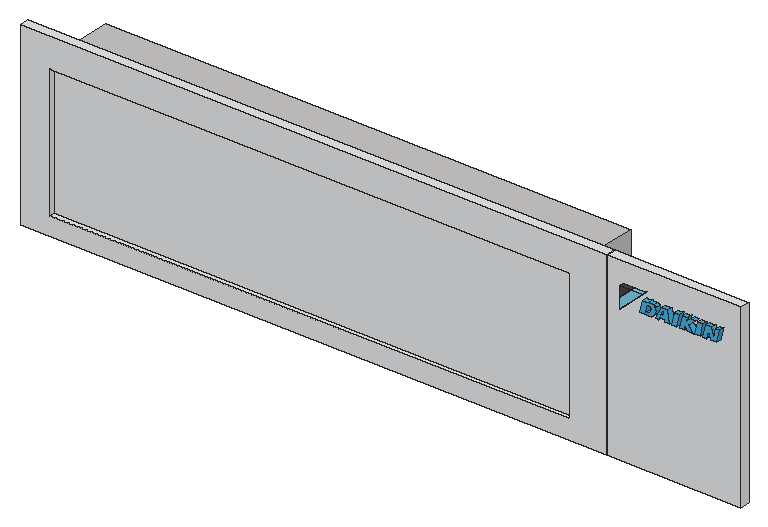
Revit family "outputfile", category 制気口, Revit 2024
Family settings
  丸型コネクタ寸法 = 直径を使用
  パーツ タイプ = 標準
  OmniClass 番号 = 23.75.70.21.27.11
  OmniClass タイトル = Diffusers, Registers, and Grilles
  作業面ベース = いいえ
  常に垂直 = はい
  ロード時にボイドで切り取り = いいえ
  注釈の向きを維持 = いいえ
  共有 = いいえ
  部屋計算ポイント = いいえ
Parameters (values of type "FPDAQ20APVM")
  Description = ""
  製造元 = "Daikin"
  書き出し IFC クラス(タイプ) = "IfcAirTerminalType"
  Default Elevation = 0 mm
  定義済み IFC タイプ(タイプ) = "GRILLE"
  Cost = 0
  モデル = "FPDAQ20APVM"
  Type Comments = ""
  Keynote = ""
  Type Image = (empty or 0)
  Assembly Code = ""
  Width = 722 mm
  Version = "ver.1.0"
  Unit Type = "3D Air Flow Ceiling Mounted Duct Type"
  Unit Designation [instance] = ""
  Uniclass2015Version = "Products v1.35"
  Uniclass2015Title = "Air grilles"
  Uniclass2015Code = "Pr_70_65_04_03"
  URL = ""
  Series = "VRV Fan Coil Unit"
  SA Duct Size Width = 456 mm
  SA Duct Size Height = 141 mm
  Material_Grille = DAIKIN_FreshWhite_Panel_indoorunit
  IfcVersion = ""
  IfcExportType = "GRILLE"
  IfcExportAs = "IfcAirTerminalType"
  Height = 180 mm
  FCU Tag No. [instance] = ""
  Design Supply Airflow [instance] = 0.00 m³/h
  Depth = 70 mm
Reference planes
  plane 1 "Center (Front/Back)": y = 0
  plane 2: z = 90
  plane 3 "Center (Left/Right)": x = 10
  plane 4: x = 371
  plane 5: x = 237
  plane 6: x = -351
  plane 7: z = -90
  plane 8: z = -90
  plane 9: z = -75
  plane 10: x = 304
  plane 11: x = -321
  plane 12 "Center (Elevation)": z = 0
  plane 13: y = -10
  plane 14: y = -5
  plane 15: y = 60
  plane 16: z = 70.5
  plane 17: x = 205
  plane 18: z = 60
  plane 19: z = -23
  plane 20: z = -70.5
  plane 21: x = 308.5
  plane 22: x = 268
  plane 23: x = -58
Forms (mm)
  Extrusion 1, solid, material "DAIKIN_FreshWhite_Panel_indoorunit" <- "Material_Grille"
    sketch origin (10, 0, 0) x (0, 1, 0) y (0, 0, 1)
      loop
        line (0, 90) -> (-10, 90) -> (-10, -90) -> (0, -90) -> (0, 90)
    from 227 to 361
  Extrusion 2, solid, material "DAIKIN_FreshWhite_Panel_indoorunit" <- "Material_Grille"
    sketch origin (10, 0, 0) x (0, 1, 0) y (0, 0, 1)
      loop
        line (-10, 90) -> (-10, -90) -> (0, -90) -> (0, 90) -> (-10, 90)
    from -361 to 227
  Extrusion 3, void
    sketch origin (0, 0, 0) x (1, 0, 0) y (0, 0, 1)
      loop
        line (-321, 61) -> (-321, -70.5) -> (200.5, -70.5) -> (200.5, 61) -> (-321, 61)
    from 10 to 5
  Extrusion 4, solid, material "DAIKIN_GalvanizedSteel_Casing_indoorunit"
    sketch origin (0, 0, 0) x (1, 0, 0) y (0, 1, 0)
      loop
        line (-321, 60) -> (-321, 0) -> (205, 0) -> (205, 60) -> (-321, 60)
    from -70.5 to 70.5
  Extrusion 5, solid, material "DAIKIN_GalvanizedSteel_Casing_indoorunit"
    sketch origin (0, 0, 0) x (1, 0, 0) y (0, 1, 0)
      loop
        line (283.049, 33) -> (269.7, 19.651) -> (269.7, 0) -> (338.3, 0) -> (338.3, 33) -> (283.049, 33)
    from -23 to 60
Cuts and joins
  Extrusion 3 cuts Extrusion 2
  Extrusion 3 cuts Extrusion 1
Dimensions and locks
  locked: plane 2 to plane 7 at 180
  locked: plane 2 to Extrusion 3 sketch curve at 29
  locked: plane 2 to plane 9 at 165
  locked: plane 4 to plane 5 at 134
  locked: plane 11 to plane 6 at 30
  locked: plane 13 to plane 1 "Center (Front/Back)" at 10
  equal spacing: plane 13, plane 14, plane 1 "Center (Front/Back)"
  plane 6 to plane 3 "Center (Left/Right)" = 361 mm
  equal spacing: plane 4, plane 10, plane 5
  locked: plane 2 to plane 16 at 19.5
  locked: plane 17 to plane 4 at 166
  equal spacing: Extrusion 5 sketch curve, plane 10, Extrusion 5 sketch curve
  locked: Extrusion 5 sketch curve to Extrusion 5 sketch curve at 68.6
  locked: plane 1 "Center (Front/Back)" to Extrusion 5 sketch curve at 33
  plane 2 to plane 18 = 30 mm  (x2)
  locked: plane 19 to plane 8 at 67
  locked: plane 20 to plane 8 at 19.5
  "Width": plane 6 to plane 4
  "Depth": plane 15 to plane 13
  "Height": plane 2 to plane 8
  locked: plane 4 to plane 21 at 62.5
  locked: plane 22 to plane 5 at 31
  equal spacing: plane 17, plane 23, plane 11
  equal spacing: plane 4, plane 3 "Center (Left/Right)", plane 6
  aligned and locked: Extrusion 1 to plane 5
  aligned and locked: plane 4 to Extrusion 1
  aligned and locked: plane 7 to Extrusion 2 sketch curve
  aligned and locked: Extrusion 2 to Extrusion 1
  aligned and locked: Extrusion 2 to plane 6
  aligned and locked: Extrusion 3 to plane 11
  aligned and locked: Extrusion 1 sketch curve to plane 2
  aligned and locked: plane 2 to Extrusion 2 sketch curve
  aligned and locked: level to plane 12 "Center (Elevation)"
  aligned and locked: Extrusion 1 sketch curve to plane 1 "Center (Front/Back)"
  aligned and locked: plane 1 "Center (Front/Back)" to Extrusion 4 sketch curve
  aligned and locked: plane 14 to Extrusion 3
  aligned and locked: plane 1 "Center (Front/Back)" to Extrusion 2 sketch curve
  aligned and locked: plane 13 to Extrusion 2 sketch curve
  aligned and locked: Extrusion 2 to Extrusion 3
  aligned and locked: plane 13 to Extrusion 1 sketch curve
  aligned and locked: plane 15 to Extrusion 4
  aligned and locked: Extrusion 4 to cut or joined group of Extrusion 2, Extrusion 3
  aligned and locked: nested 1 to plane 16
  aligned and locked: plane 10 to nested 1
  aligned and locked: nested 1 to plane 13
  aligned and locked: plane 17 to Extrusion 4
  aligned and locked: Extrusion 5 sketch curve to plane 1 "Center (Front/Back)"
  aligned and locked: plane 18 to Extrusion 5
  aligned and locked: Extrusion 5 to plane 19
  aligned and locked: Extrusion 4 to plane 20
  aligned and locked: Extrusion 3 to Extrusion 4
  aligned and locked: Extrusion 4 to plane 16
  aligned and locked: Extrusion 1 sketch curve to plane 8
Automatic sketch dimensions
  plane 6 to Extrusion 3 sketch curve = 30 mm
  Extrusion 3 sketch curve to plane 5 = 36.5 mm
  Extrusion 4 sketch curve to plane 10 = 99 mm
  Extrusion 4 sketch curve to plane 11 = 0 mm
  Extrusion 4 sketch curve to plane 1 "Center (Front/Back)" = 60 mm
  Extrusion 5 sketch curve to Extrusion 5 sketch curve = 13.349 mm  (x2)
  plane 20 to Extrusion 3 sketch curve = 0 mm
Nested families
  nested 1: "daikin_logo_elevation_w100" at (319, -10, 45.5), type "daikin_logo_elevation_w100"
    with show_logo yes
Connectors
  hvac at (-58, 60, 0), driven by "SA Duct Size Height", driven by "SA Duct Size Width", driven by "Design Supply Airflow"
    settings: on Extrusion 4, index 1, duct flow 0.00 m³/h, flow factor 0, pres drop 0.0 Pa, loss coef 0, conn angle 0.00°, conn width 456.0 mm, conn height 141.0 mm, conn diameter 609.6 mm, duct sys type 1, conn prof type 1, flow config 1, flow direction 1, loss method 4, conn ref index -1, conn util no, is conn primary yes, conn desc "SA Duct"
Definition of nested family "daikin_logo_elevation_w100"
  Parameters (values of type "daikin_logo_elevation_w100")
    width = 100 mm
    show_logo [instance] = yes
    material = none
    height = 25 mm
    depth = 5 mm
    Default Elevation = 0 mm
  Reference planes
    plane 1 "Center (Front/Back)": y = 0
    plane 2: z = 0
    plane 3 "Center (Left/Right)": x = -15
    plane 4 "left": x = -65
    plane 5 "right": x = 35
    plane 6: y = -5
    plane 7: z = 25
  Forms (mm)
    Extrusion 1, solid
      sketch origin (0, 0, 0) x (1, 0, 0) y (0, 0, 1)
        loop
          line (-65, 25) -> (-65, 14.753) -> (-53.814, 25) -> (-65, 25)
      from 0 to 5
    Extrusion 2, solid
      sketch origin (0, 0, 0) x (1, 0, 0) y (0, 0, 1)
        loop
          line (-42.019, 25) -> (-53.814, 25) -> (-65, 14.753) -> (-65, 3.87) -> (-42.019, 25)
      from 0 to 5
    Extrusion 3, solid
      sketch origin (0, 0, 0) x (1, 0, 0) y (0, 0, 1)
        loop
          line (-35.602, 20.041) -> (-41.486, 20.041) -> (-44.428, 8.274) -> (-35.602, 8.274)
          arc (-35.602, 8.274) -> (-32.105, 8.983) -> (-29.415, 11.329) r 6.978
          arc (-29.415, 11.329) -> (-28.233, 14.382) -> (-28.637, 17.63) r 6.701
          arc (-28.637, 17.63) -> (-29.469, 18.814) -> (-30.709, 19.559) r 3.49
          arc (-30.709, 19.559) -> (-33.138, 19.976) -> (-35.602, 20.041) r 17.114
        loop
          line (-38.544, 10.627) -> (-36.191, 10.627)
          arc (-36.191, 10.627) -> (-34.383, 11.838) -> (-33.335, 13.745) r 4.6
          arc (-33.335, 13.745) -> (-33.193, 15.202) -> (-33.538, 16.625) r 4.404
          arc (-33.538, 16.625) -> (-34.051, 17.128) -> (-34.72, 17.393) r 1.818
          line (-34.72, 17.393) -> (-37.073, 17.393) -> (-38.544, 10.627)
        loop
          line (-29.13, 8.274) -> (-25.894, 8.274) -> (-24.791, 10.333) -> (-20.158, 10.333) -> (-19.717, 8.274) -> (-14.422, 8.274) -> (-16.775, 20.041) -> (-22.659, 20.041) -> (-29.13, 8.274)
        loop
          line (-23.373, 12.98) -> (-20.725, 12.98) -> (-21.482, 16.511) -> (-23.373, 12.98)
        loop
          line (-10.009, 20.041) -> (-12.951, 8.274) -> (-7.95, 8.274) -> (-5.008, 20.041) -> (-10.009, 20.041)
        loop
          line (-5.008, 8.274) -> (-0.007, 8.274) -> (0.792, 11.472) -> (3.229, 8.274) -> (9.407, 8.274) -> (4.7, 14.451) -> (11.466, 20.041) -> (6.171, 20.041) -> (2.093, 16.672) -> (2.935, 20.041) -> (-2.066, 20.041) -> (-5.008, 8.274)
        loop
          line (10.583, 8.274) -> (15.879, 8.274) -> (18.82, 20.041) -> (13.819, 20.041) -> (10.583, 8.274)
        loop
          line (18.82, 8.274) -> (22.35, 8.274) -> (24.013, 14.925) -> (26.175, 8.274) -> (32.058, 8.274) -> (35, 20.041) -> (31.47, 20.041) -> (29.679, 12.878) -> (27.351, 20.041) -> (21.762, 20.041) -> (18.82, 8.274)
      from 0 to 5
  Lines and regions (mm)
    model lines
      curve 1: line (-42.019, 0, 25) -> (-52.024, 0, 25)
      curve 2: line (-52.024, 0, 25) -> (-65, 0, 13.114)
      curve 3: line (-65, 0, 13.114) -> (-65, 0, 3.87)
      curve 4: line (-65, 0, 3.87) -> (-42.019, 0, 25)
      curve 5: line (-65, 0, 14.753) -> (-65, 0, 25)
      curve 6: line (-65, 0, 25) -> (-53.814, 0, 25)
      curve 7: line (-53.814, 0, 25) -> (-65, 0, 14.753)
      curve 8: line (-20.725, 0, 12.98) -> (-23.373, 0, 12.98)
      curve 9: line (-23.373, 0, 12.98) -> (-21.482, 0, 16.511)
      curve 10: line (-21.482, 0, 16.511) -> (-20.725, 0, 12.98)
      curve 11: line (-19.717, 0, 8.274) -> (-20.158, 0, 10.333)
      curve 12: line (-20.158, 0, 10.333) -> (-24.791, 0, 10.333)
      curve 13: line (-24.791, 0, 10.333) -> (-25.894, 0, 8.274)
      curve 14: line (-25.894, 0, 8.274) -> (-29.13, 0, 8.274)
      curve 15: line (-29.13, 0, 8.274) -> (-22.659, 0, 20.041)
      curve 16: line (-22.659, 0, 20.041) -> (-16.775, 0, 20.041)
      curve 17: line (-36.191, 0, 10.627) -> (-38.544, 0, 10.627)
      curve 18: line (-38.544, 0, 10.627) -> (-37.073, 0, 17.393)
      curve 19: line (-37.073, 0, 17.393) -> (-34.72, 0, 17.393)
      curve 20: line (-5.008, 0, 20.041) -> (-10.009, 0, 20.041)
      curve 21: line (-10.009, 0, 20.041) -> (-12.951, 0, 8.274)
      curve 22: line (-12.951, 0, 8.274) -> (-7.95, 0, 8.274)
      curve 23: line (-7.95, 0, 8.274) -> (-5.008, 0, 20.041)
      curve 24: line (24.013, 0, 14.925) -> (22.35, 0, 8.274)
      curve 25: line (22.35, 0, 8.274) -> (18.82, 0, 8.274)
      curve 26: line (18.82, 0, 8.274) -> (21.762, 0, 20.041)
      curve 27: line (21.762, 0, 20.041) -> (27.351, 0, 20.041)
      curve 28: line (27.351, 0, 20.041) -> (29.679, 0, 12.878)
      curve 29: line (29.679, 0, 12.878) -> (31.47, 0, 20.041)
      curve 30: line (31.47, 0, 20.041) -> (35, 0, 20.041)
      curve 31: line (35, 0, 20.041) -> (32.058, 0, 8.274)
      curve 32: line (32.058, 0, 8.274) -> (26.175, 0, 8.274)
      curve 33: line (26.175, 0, 8.274) -> (24.013, 0, 14.925)
      curve 34: line (-16.775, 0, 20.041) -> (-14.422, 0, 8.274)
      curve 35: line (-14.422, 0, 8.274) -> (-19.717, 0, 8.274)
      curve 36: line (-35.602, 0, 20.041) -> (-41.486, 0, 20.041)
      curve 37: line (-41.486, 0, 20.041) -> (-44.428, 0, 8.274)
      curve 38: line (-44.428, 0, 8.274) -> (-35.602, 0, 8.274)
      curve 39: line (10.583, 0, 8.274) -> (15.879, 0, 8.274)
      curve 40: line (15.879, 0, 8.274) -> (18.82, 0, 20.041)
      curve 41: line (18.82, 0, 20.041) -> (13.819, 0, 20.041)
      curve 42: line (13.819, 0, 20.041) -> (10.583, 0, 8.274)
      curve 43: line (3.229, 0, 8.274) -> (0.792, 0, 11.472)
      curve 44: line (0.792, 0, 11.472) -> (-0.007, 0, 8.274)
      curve 45: line (-0.007, 0, 8.274) -> (-5.008, 0, 8.274)
      curve 46: line (-5.008, 0, 8.274) -> (-2.066, 0, 20.041)
      curve 47: line (-2.066, 0, 20.041) -> (2.935, 0, 20.041)
      curve 48: line (2.935, 0, 20.041) -> (2.093, 0, 16.672)
      curve 49: line (2.093, 0, 16.672) -> (6.171, 0, 20.041)
      curve 50: line (6.171, 0, 20.041) -> (11.466, 0, 20.041)
      curve 51: line (11.466, 0, 20.041) -> (4.7, 0, 14.451)
      curve 52: line (4.7, 0, 14.451) -> (9.407, 0, 8.274)
      curve 53: line (9.407, 0, 8.274) -> (3.229, 0, 8.274)
      curve 54: arc (-36.191, 0, 10.627) -> (-34.383, 0, 11.838) -> (-33.335, 0, 13.745) r 4.6
      curve 55: arc (-33.335, 0, 13.745) -> (-33.193, 0, 15.202) -> (-33.538, 0, 16.625) r 4.404
      curve 56: arc (-33.538, 0, 16.625) -> (-34.051, 0, 17.128) -> (-34.72, 0, 17.393) r 1.818
      curve 57: arc (-35.602, 0, 8.274) -> (-32.105, 0, 8.983) -> (-29.415, 0, 11.329) r 6.978
      curve 58: arc (-29.415, 0, 11.329) -> (-28.233, 0, 14.382) -> (-28.637, 0, 17.63) r 6.701
      curve 59: arc (-28.637, 0, 17.63) -> (-29.469, 0, 18.814) -> (-30.709, 0, 19.559) r 3.49
      curve 60: arc (-30.709, 0, 19.559) -> (-33.138, 0, 19.976) -> (-35.602, 0, 20.041) r 17.114
  Dimensions and locks
    "width": plane 4 "left" to plane 5 "right"
    "depth": plane 6 to plane 1 "Center (Front/Back)"
    equal spacing: plane 4 "left", plane 3 "Center (Left/Right)", plane 5 "right"
    "height": plane 7 to plane 2
    aligned and locked: level to plane 2
    aligned and locked: Extrusion 1 sketch curve to plane 4 "left"
    aligned and locked: Extrusion 1 sketch curve to plane 7
    aligned and locked: plane 7 to Extrusion 2 sketch curve
    aligned and locked: plane 4 "left" to Extrusion 2 sketch curve
    aligned and locked: Extrusion 3 to plane 6
    aligned and locked: Extrusion 1 to plane 6
    aligned and locked: Extrusion 2 to plane 6
  Automatic sketch dimensions
    plane 4 "left" to curve 5 = 0 mm
    plane 4 "left" to curve 2 = 0 mm
    curve 30 to plane 5 "right" = 0 mm
    curve 5 to curve 6 = 11.186 mm
    curve 6 to curve 2 = 1.79 mm
    curve 2 to curve 37 = 7.597 mm
    curve 2 to curve 1 = 10.005 mm
    curve 1 to curve 37 = 0.534 mm
    curve 37 to curve 18 = 5.884 mm
    curve 17 to curve 54 = 0.769 mm
    curve 54 to curve 55 = 0.188 mm
    curve 54 to curve 19 = 0.702 mm
    curve 17 to curve 17 = 2.353 mm
    curve 18 to curve 36 = 1.471 mm
    curve 17 to curve 38 = 0.588 mm
    curve 55 to curve 57 = 2.392 mm
    curve 57 to curve 56 = 0.152 mm
    curve 57 to curve 58 = 0.311 mm
    curve 57 to curve 60 = 0.787 mm
    curve 56 to curve 19 = 0.322 mm
    curve 19 to curve 59 = 2.873 mm
    curve 57 to curve 15 = 6.472 mm
    curve 14 to curve 13 = 3.236 mm
    curve 13 to curve 13 = 1.103 mm
    curve 12 to curve 8 = 1.418 mm
    curve 8 to curve 16 = 0.714 mm
    curve 15 to curve 10 = 1.177 mm
    curve 8 to curve 10 = 2.648 mm
    curve 8 to curve 12 = 0.567 mm
    curve 11 to curve 35 = 0.441 mm
    curve 16 to plane 3 "Center (Left/Right)" = 1.775 mm
    plane 3 "Center (Left/Right)" to curve 35 = 0.578 mm
    curve 34 to curve 21 = 1.471 mm
    plane 3 "Center (Left/Right)" to curve 21 = 4.991 mm
    curve 21 to curve 23 = 5.001 mm
    curve 20 to curve 23 = 5.001 mm
    curve 22 to curve 45 = 2.942 mm
    curve 20 to curve 47 = 2.942 mm
    curve 45 to curve 44 = 5.001 mm
    curve 44 to curve 44 = 0.799 mm
    curve 46 to curve 49 = 4.159 mm
    curve 49 to curve 48 = 0.842 mm
    curve 44 to curve 53 = 3.236 mm
    curve 48 to curve 52 = 2.607 mm
    curve 47 to curve 49 = 3.236 mm
    curve 43 to curve 53 = 6.178 mm
    curve 52 to curve 39 = 1.177 mm
    curve 49 to curve 51 = 5.295 mm
    curve 50 to curve 41 = 2.353 mm
    curve 39 to curve 39 = 5.295 mm
    curve 41 to curve 40 = 5.001 mm
    curve 39 to curve 25 = 2.942 mm
    curve 40 to curve 26 = 2.942 mm
    curve 25 to curve 24 = 3.53 mm
    curve 26 to curve 33 = 2.251 mm
    curve 24 to curve 33 = 3.824 mm
    curve 26 to curve 27 = 5.589 mm
    curve 29 to plane 5 "right" = 5.321 mm
    curve 29 to curve 30 = 3.53 mm
    curve 31 to plane 5 "right" = 2.942 mm
    curve 60 to plane 7 = 22.055 mm
    curve 60 to curve 3 = 0.925 mm
    curve 60 to curve 37 = 5.329 mm
    curve 60 to curve 34 = 5.329 mm
    curve 32 to curve 34 = 0 mm
    curve 39 to curve 32 = 0 mm
    curve 43 to curve 39 = 0 mm
    curve 26 to curve 39 = 0 mm
    curve 23 to curve 34 = 0 mm
    curve 13 to curve 11 = 0 mm
    curve 44 to curve 43 = 0 mm
    curve 11 to curve 11 = 2.059 mm
    curve 38 to curve 17 = 2.353 mm
    curve 44 to curve 43 = 3.198 mm
    curve 31 to curve 29 = 4.604 mm
    curve 12 to curve 8 = 2.648 mm
    curve 4 to curve 2 = 9.244 mm
    curve 43 to curve 51 = 2.98 mm
    curve 2 to curve 5 = 1.639 mm
    curve 17 to curve 55 = 4.265 mm
    curve 28 to curve 24 = 2.046 mm
    curve 55 to curve 54 = 0.053 mm
    curve 55 to curve 58 = 0.311 mm
    curve 58 to curve 57 = 0.037 mm
    curve 57 to curve 56 = 0.364 mm
    curve 58 to curve 59 = 1.057 mm
    curve 8 to curve 9 = 3.53 mm
    curve 51 to curve 48 = 2.22 mm
    curve 54 to curve 18 = 2.447 mm
    curve 22 to curve 21 = 11.767 mm
    curve 46 to curve 20 = 0 mm
    curve 24 to curve 26 = 5.116 mm
    curve 49 to curve 47 = 0 mm
    curve 42 to curve 50 = 0 mm
    curve 9 to curve 16 = 3.53 mm
    curve 29 to curve 27 = 0 mm
    curve 18 to curve 37 = 2.648 mm
    curve 36 to curve 6 = 4.959 mm
    curve 36 to curve 4 = 4.959 mm
    curve 19 to curve 55 = 1.182 mm
    curve 59 to curve 60 = 1.138 mm
    curve 58 to curve 14 = 0.285 mm
    Extrusion 1 sketch curve to plane 4 "left" = 11.186 mm
    Extrusion 1 sketch curve to plane 7 = 10.247 mm
    Extrusion 2 sketch curve to plane 4 "left" = 22.981 mm
    Extrusion 2 sketch curve to plane 7 = 10.247 mm
    level to Extrusion 2 sketch curve = 3.87 mm
    Extrusion 2 sketch curve to plane 4 "left" = 11.186 mm
    Extrusion 3 sketch curve to plane 7 = 4.959 mm  (x5)
    Extrusion 3 sketch curve to plane 3 "Center (Left/Right)" = 20.602 mm
    level to Extrusion 3 sketch curve = 2.945 mm
    Extrusion 3 sketch curve to Extrusion 3 sketch curve = 0.787 mm  (x2)
    Extrusion 3 sketch curve to Extrusion 3 sketch curve = 5.884 mm
    Extrusion 3 sketch curve to Extrusion 3 sketch curve = 4.894 mm
    Extrusion 3 sketch curve to Extrusion 3 sketch curve = 1.138 mm
    Extrusion 3 sketch curve to Extrusion 3 sketch curve = 3.299 mm
    Extrusion 3 sketch curve to Extrusion 3 sketch curve = 2.072 mm
    Extrusion 3 sketch curve to Extrusion 3 sketch curve = 3.036 mm
    Extrusion 3 sketch curve to Extrusion 3 sketch curve = 1.057 mm
    Extrusion 3 sketch curve to Extrusion 3 sketch curve = 2.432 mm
    Extrusion 3 sketch curve to Extrusion 3 sketch curve = 0.311 mm
    Extrusion 3 sketch curve to Extrusion 3 sketch curve = 0.037 mm
    Extrusion 3 sketch curve to Extrusion 3 sketch curve = 8.825 mm
    Extrusion 3 sketch curve to plane 7 = 7.607 mm
    Extrusion 3 sketch curve to Extrusion 3 sketch curve = 1.879 mm
    Extrusion 3 sketch curve to Extrusion 3 sketch curve = 2.942 mm  (x5)
    Extrusion 3 sketch curve to Extrusion 3 sketch curve = 0.163 mm
    Extrusion 3 sketch curve to Extrusion 3 sketch curve = 0.152 mm
    Extrusion 3 sketch curve to Extrusion 3 sketch curve = 0.364 mm
    Extrusion 3 sketch curve to Extrusion 3 sketch curve = 1.182 mm
    Extrusion 3 sketch curve to Extrusion 3 sketch curve = 2.392 mm
    Extrusion 3 sketch curve to Extrusion 3 sketch curve = 0.348 mm
    Extrusion 3 sketch curve to Extrusion 3 sketch curve = 1.548 mm
    Extrusion 3 sketch curve to Extrusion 3 sketch curve = 0.188 mm
    Extrusion 3 sketch curve to Extrusion 3 sketch curve = 0.053 mm
    Extrusion 3 sketch curve to Extrusion 3 sketch curve = 2.353 mm  (x2)
    Extrusion 3 sketch curve to Extrusion 3 sketch curve = 5.979 mm
    Extrusion 3 sketch curve to Extrusion 3 sketch curve = 0.285 mm
    Extrusion 3 sketch curve to plane 3 "Center (Left/Right)" = 1.775 mm
    Extrusion 3 sketch curve to Extrusion 3 sketch curve = 3.056 mm
    plane 3 "Center (Left/Right)" to Extrusion 3 sketch curve = 0.578 mm
    Extrusion 3 sketch curve to plane 3 "Center (Left/Right)" = 4.717 mm
    Extrusion 3 sketch curve to Extrusion 3 sketch curve = 0.441 mm
    Extrusion 3 sketch curve to Extrusion 3 sketch curve = 2.059 mm  (x2)
    Extrusion 3 sketch curve to Extrusion 3 sketch curve = 4.633 mm
    Extrusion 3 sketch curve to Extrusion 3 sketch curve = 1.103 mm
    Extrusion 3 sketch curve to Extrusion 3 sketch curve = 1.177 mm  (x2)
    Extrusion 3 sketch curve to Extrusion 3 sketch curve = 3.53 mm  (x2)
    Extrusion 3 sketch curve to Extrusion 3 sketch curve = 1.418 mm
    Extrusion 3 sketch curve to Extrusion 3 sketch curve = 2.648 mm  (x2)
    plane 3 "Center (Left/Right)" to Extrusion 3 sketch curve = 4.991 mm
    Extrusion 3 sketch curve to Extrusion 3 sketch curve = 1.471 mm
    Extrusion 3 sketch curve to Extrusion 3 sketch curve = 5.001 mm  (x4)
    Extrusion 3 sketch curve to Extrusion 3 sketch curve = 0 mm  (x8)
    Extrusion 3 sketch curve to plane 7 = 8.328 mm
    Extrusion 3 sketch curve to Extrusion 3 sketch curve = 0.842 mm
    Extrusion 3 sketch curve to Extrusion 3 sketch curve = 3.236 mm  (x2)
    Extrusion 3 sketch curve to Extrusion 3 sketch curve = 5.295 mm  (x2)
    Extrusion 3 sketch curve to Extrusion 3 sketch curve = 2.607 mm
    Extrusion 3 sketch curve to Extrusion 3 sketch curve = 2.22 mm
    Extrusion 3 sketch curve to Extrusion 3 sketch curve = 4.707 mm
    Extrusion 3 sketch curve to Extrusion 3 sketch curve = 6.178 mm
    Extrusion 3 sketch curve to Extrusion 3 sketch curve = 2.436 mm
    Extrusion 3 sketch curve to Extrusion 3 sketch curve = 3.198 mm
    Extrusion 3 sketch curve to Extrusion 3 sketch curve = 5.589 mm
    Extrusion 3 sketch curve to plane 5 "right" = 5.321 mm
    Extrusion 3 sketch curve to Extrusion 3 sketch curve = 7.163 mm
    Extrusion 3 sketch curve to plane 5 "right" = 3.53 mm
    Extrusion 3 sketch curve to plane 5 "right" = 0 mm
    Extrusion 3 sketch curve to plane 5 "right" = 2.942 mm
    Extrusion 3 sketch curve to Extrusion 3 sketch curve = 4.604 mm
    Extrusion 3 sketch curve to Extrusion 3 sketch curve = 3.504 mm
    Extrusion 3 sketch curve to Extrusion 3 sketch curve = 2.251 mm
    Extrusion 3 sketch curve to Extrusion 3 sketch curve = 5.116 mm
